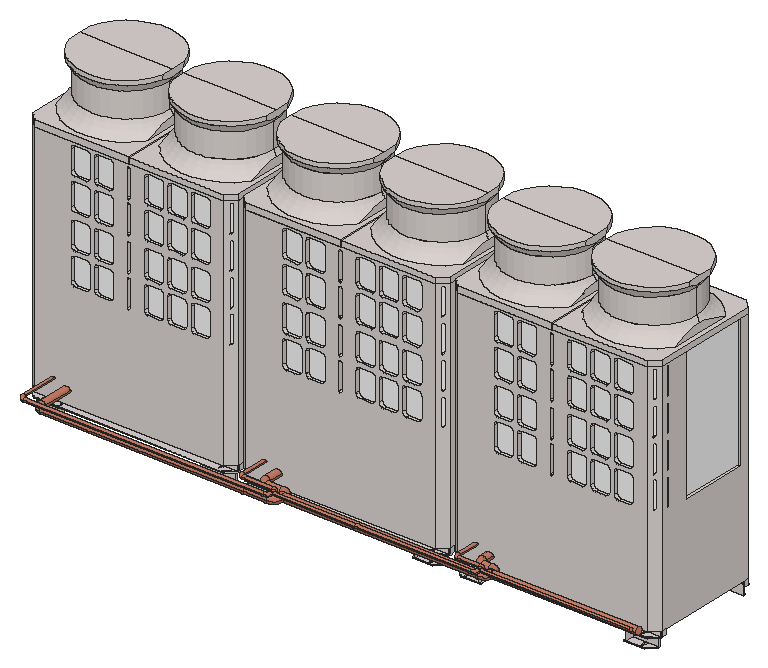
Revit family "PUHY-EP1350YSNW-A1", category 機械設備, Revit 2016 (continued)
Definition of nested family "PUHY-EP450YNW-A1"
  Dimensions and locks
    Extrusion 19 sketch curve to Extrusion 19 sketch curve = 170.800 mm
    Extrusion 20 sketch curve to Extrusion 20 sketch curve = 116.800 mm
    Extrusion 20 sketch curve to Extrusion 20 sketch curve = 170.800 mm
    Extrusion 21 sketch curve to Extrusion 21 sketch curve = 116.800 mm
    Extrusion 21 sketch curve to Extrusion 21 sketch curve = 170.800 mm
    plane 3 "Center (Left/Right)" to cut or joined group 1 (Extrusion 1, Extrusion 2, Extrusion 3, Extrusion 4, Extrusion 5, Extrusion 6, Extrusion 7, Extrusion 8, Extrusion 9, Extrusion 10, Extrusion 11, Extrusion 12, Extrusion 13, Extrusion 14, Extrusion 15, Extrusion 16, Extrusion 17, Extrusion 18, Extrusion 19, Extrusion 20, Extrusion 21, Extrusion 22, Extrusion 23, Extrusion 24, Extrusion 25, Extrusion 26, Extrusion 27, Extrusion 28, Extrusion 29, Extrusion 30, Extrusion 31, Extrusion 32, Extrusion 33) = 620.000 mm
    cut or joined group 1 to plane 3 "Center (Left/Right)" = 620.000 mm
    Extrusion 1 sketch curve to Extrusion 1 sketch curve = 1240.000 mm
    cut or joined group 1 to plane 8 = 185.000 mm
    cut or joined group 1 to plane 7 = 166.000 mm
    cut or joined group 1 to plane 6 = 110.000 mm
    cut or joined group 1 to plane 12 to cut or joined group 1 = 805.000 mm, 621.000 mm
    plane 5 to plane 2 = 1858.000 mm  (x2)
    cut or joined group 1 to plane 19 "132" = 132.000 mm
    cut or joined group 1 to plane 22 = 207.000 mm
    cut or joined group 1 to plane 23 = 256.000 mm
    cut or joined group 1 to plane 6 = 60.000 mm
    cut or joined group 1 to cut or joined group 1 = 42.154 mm
    cut or joined group 1 to cut or joined group 1 = 11.895 mm
    nested 1 to nested 3 to level = 1798.000 mm, 60.000 mm
    nested 1 to nested 1 = 303.000 mm
    nested 1 to nested 3 = 1495.000 mm
    nested 8 to nested 8 to nested 8 to nested 7 to nested 7 to nested 7 = 54.000 mm, 20.000 mm, 592.000 mm, 20.000 mm, 54.000 mm
    nested 3 to nested 3 = 56.000 mm
    plane 11 to plane 31 to plane 32 to cut or joined group 1 = 90.000 mm, 1060.000 mm, 90.000 mm
    curve 103 to nested 7 = 90.000 mm
    curve 104 to nested 7 = 125.000 mm
    curve 101 to nested 7 = 100.000 mm
    curve 11 to curve 13 to nested 7 = 84.000 mm, 71.000 mm
    cut or joined group 1 to curve 12 to curve 14 = 125.000 mm, 148.000 mm
    nested 2 to nested 7 = 1495.000 mm
    curve 87 to cut or joined group 1 = 152.000 mm
    curve 88 to cut or joined group 1 = 172.000 mm
    curve 89 to cut or joined group 1 = 216.000 mm
    cut or joined group 1 to curve 4 to curve 2 = 128.000 mm, 150.000 mm
    cut or joined group 1 to curve 1 to curve 3 = 79.000 mm, 94.000 mm
    Extrusion 32 sketch curve to nested 7 = 116.000 mm
    cut or joined group 1 to Extrusion 32 sketch curve = 160.000 mm
    cut or joined group 1 to Extrusion 33 sketch curve = 243.000 mm
    Extrusion 33 sketch curve to nested 7 = 116.000 mm
    aligned and locked: level to plane 2
    aligned and locked: Extrusion 1 to plane 4
  Nested families
    nested 1: "FAN GUARD" at (-311.5, 2, 860), type "FAN GUARD"
      with WIDTH 870.000 mm
    nested 2: "FAN GUARD" at (311.5, 2, 860) x (-1, 0, 0) z (0, 0, 1), type "FAN GUARD"
      with WIDTH 870.000 mm
    nested 3: "ATTACHMENT LEG" at (-524, -349, 0), type "ATTACHMENT LEG"
    nested 4: "ATTACHMENT LEG" at (-524, 349, 0), type "ATTACHMENT LEG"
    nested 5: "ATTACHMENT LEG" at (524, -349, 0) x (-1, 0, 0) z (0, 0, 1), type "ATTACHMENT LEG"
    nested 6: "ATTACHMENT LEG" at (524, 349, 0) x (-1, 0, 0) z (0, 0, 1), type "ATTACHMENT LEG"
    nested 7: "BASE LEG_L_" at (0, -352, 60), type "BASE LEG_L_"
      with Width 1240.000 mm
    nested 8: "BASE LEG_L_" at (0, 352, 60), type "BASE LEG_L_"
      with Width 1240.000 mm
  Connectors
    piping at (-460, -191, 176), diameter 25.4, driven by "Liquid pipe_radius"
      settings: on cut or joined group 1, index 3, connector inside diameter 25.4 mm, connector length 0.000 mm, flow factor 0, pipe flow 0.0 L/s, pressure drop 0.0 Pa, fitting loss kfactor 0, connector angle 0.00°, fixture units 0, engagement length 0.000 mm, angle of deflection 0.00°, flow configuration 0, flow direction 0, fitting loss method 0, system type 22, joint type 0, gender type 0, connector reference index -1, connector utility 0, adjustable connector no, is connector primary yes, connector description "Refrigerant service valve<Liquid pipe>"
    piping at (-377, -191, 176), diameter 28.58, driven by "Gas pipe_radius"
      settings: on cut or joined group 1, index 4, connector inside diameter 28.58 mm, connector length 0.000 mm, flow factor 0, pipe flow 0.0 L/s, pressure drop 0.0 Pa, fitting loss kfactor 0, connector angle 0.00°, fixture units 0, engagement length 0.000 mm, angle of deflection 0.00°, flow configuration 0, flow direction 0, fitting loss method 0, system type 22, joint type 0, gender type 0, connector reference index -1, connector utility 0, adjustable connector no, is connector primary no, connector description "Refrigerant service valve<Gas>"
    electrical at (0, -370, 808)
      settings: on cut or joined group 1, index 5, voltage 0 V, apparent load 0 VA, apparent load phase1 0 VA, apparent load phase2 0 VA, apparent load phase3 0 VA, power factor 1, load classification none, number of poles 1, system type 30, power factor state 1, is connector primary yes, connector utility no, sub classification motor no, connector description ""
  Definition of nested family "FAN GUARD"
    Parameters
      WIDTH [instance] = 870.000 mm
    Reference planes
      plane 1 "中心(正面/背面)": y = -2
      plane 2: z = 0
      plane 3 "ファンガード基準面": z = 661
      plane 4: y = 368
      plane 5: x = 366
      plane 6: x = -375
      plane 7 "ファンガード基準上面": z = 695
      plane 8 "ファンガード上面": z = 998
      plane 9: x = -273.971
      plane 10: x = 308.5
      plane 11: x = -308.5
      plane 12: x = 0
    Forms (mm)
      Extrusion 1, solid
        sketch origin (85, 0, 661) x (-1, 0, 0) y (0, -1, 0)
          loop
            line (343.5, -368) -> (393.5, -318) -> (393.5, 322) -> (343.5, 372) -> (-223.5, 372) -> (-223.5, -368) -> (343.5, -368)
        from 0 to 34
      Revolve 2, solid
        sketch origin (0, -2, 0) x (1, 0, 0) y (0, 0, 1)
          loop
            line (0, 695) -> (0, 998) -> (-290, 998) -> (-290, 972.327) -> (-260, 928.372) -> (-260, 777.384)
            arc (-260, 777.384) -> (-290.651, 730.137) -> (-334.665, 695) r 175.882
            line (-334.665, 695) -> (0, 695)
          axis (0, 998) -> (0, 695)
        angle from 0 to 360
      Extrusion 3, void
        sketch origin (-840, 75, 695) x (-1, 0, 0) y (0, -1, 0)
          loop
            line (-410, -165) -> (-410, 315) -> (-561.253, 315) -> (-561.253, -165) -> (-410, -165)
        from -35 to 430.592
      Extrusion 4, void
        sketch origin (840, 75, 695) x (1, 0, 0) y (0, 1, 0)
          loop
            line (-410, 165) -> (-561.253, 165) -> (-561.253, -315) -> (-410, -315) -> (-410, 165)
        from 0 to 430.592
    Cuts and joins
      Extrusion 3, Extrusion 4 cuts Revolve 2
      Extrusion 4 cuts Extrusion 1
    Lines and regions (mm)
      model lines
        curve 1: line (-278.747, 0, 998) -> (-80, 0, 998)
        curve 2: line (80, 0, 998) -> (278.747, 0, 998)
        curve 3: circle (0, 0, 998) r 80 normal (0, 0, 1)
        curve 4: line (-278.747, -80, 998) -> (278.747, -80, 998)
        curve 5: line (-241.868, -160, 998) -> (241.868, -160, 998)
        curve 6: line (-162.788, -240, 998) -> (162.788, -240, 998)
        curve 7: line (-278.747, 80, 998) -> (278.747, 80, 998)
        curve 8: line (-241.868, 160, 998) -> (240, 160, 998)
        curve 9: line (-160, 240, 998) -> (162.788, 240, 998)
        curve 10: line (0, 290, 998) -> (0, -290, 998)
        curve 11: line (-20, 289.31, 998) -> (-20, -289.31, 998)
        curve 12: line (-40, 287.228, 998) -> (-40, -287.228, 998)
        curve 13: line (-60, 283.725, 998) -> (-60, -283.725, 998)
        curve 14: line (-80, 278.747, 998) -> (-80, -278.747, 998)
        curve 15: line (20, 289.31, 998) -> (20, -289.31, 998)
        curve 16: line (40, 287.228, 998) -> (40, -287.228, 998)
        curve 17: line (60, 283.725, 998) -> (60, -283.725, 998)
        curve 18: line (80, 278.747, 998) -> (80, -278.747, 998)
        curve 19: line (100, 272.213, 998) -> (100, -272.213, 998)
        curve 20: line (120, 264.008, 998) -> (120, -264.008, 998)
        curve 21: line (140, 253.969, 998) -> (140, -253.969, 998)
        curve 22: line (160, 241.868, 998) -> (160, -243.132, 998)
        curve 23: line (180, 227.376, 998) -> (180, -227.624, 998)
        curve 24: line (200, 210, 998) -> (200, -210, 998)
        curve 25: line (220, 188.944, 998) -> (220, -188.944, 998)
        curve 26: line (240, 160, 998) -> (240, -162.788, 998)
        curve 27: line (260, 128.452, 998) -> (260, -128.452, 998)
        curve 28: line (-100, 272.213, 998) -> (-100, -272.213, 998)
        curve 29: line (-120, 264.008, 998) -> (-120, -264.008, 998)
        curve 30: line (-140, 253.969, 998) -> (-140, -253.969, 998)
        curve 31: line (-160, 240, 998) -> (-160, -241.868, 998)
        curve 32: line (-180, 227.376, 998) -> (-180, -227.376, 998)
        curve 33: line (-200, 210, 998) -> (-200, -210, 998)
        curve 34: line (-220, 188.944, 998) -> (-220, -188.944, 998)
        curve 35: line (-240, 162.788, 998) -> (-240, -162.788, 998)
        curve 36: line (-260, 128.452, 998) -> (-260, -128.452, 998)
        curve 37: line (10, 79.373, 998) -> (10, -79.373, 998)
        curve 38: line (-10, 79.373, 998) -> (-10, -79.373, 998)
        curve 39: line (30, 74.162, 998) -> (30, -74.162, 998)
        curve 40: line (50, 62.45, 998) -> (50, -62.45, 998)
        curve 41: line (70, 38.73, 998) -> (70, -38.73, 998)
        curve 42: line (-30, 74.162, 998) -> (-30, -74.162, 998)
        curve 43: line (-50, 62.45, 998) -> (-50, -62.45, 998)
        curve 44: line (-70, 38.73, 998) -> (-70, -38.73, 998)
    Dimensions and locks
      locked: plane 8 "ファンガード上面" to plane 7 "ファンガード基準上面" at 303
      plane 8 "ファンガード上面" to plane 3 "ファンガード基準面" = 337.000 mm
      Revolve 2 sketch curve to Revolve 2 sketch curve = 290.000 mm
      Extrusion 1 sketch curve to Extrusion 1 sketch curve = 740.000 mm
      equal spacing: Extrusion 1 sketch curve, plane 1 "中心(正面/背面)", Extrusion 1 sketch curve
      plane 6 to plane 5 = 741.000 mm
      Extrusion 1 sketch curve to Extrusion 1 sketch curve = 617.000 mm
      plane 11 to plane 10 = 617.000 mm
      cut or joined group of Extrusion 1, Extrusion 4 to cut or joined group of Extrusion 1, Extrusion 4 = 617.000 mm
      cut or joined group of Extrusion 1, Extrusion 4 to cut or joined group of Extrusion 1, Extrusion 4 = 740.000 mm
      aligned and locked: level to plane 2
      aligned and locked: plane 7 "ファンガード基準上面" to Extrusion 1
      aligned and locked: plane 3 "ファンガード基準面" to Extrusion 1
      aligned and locked: cut or joined group of Revolve 2, Extrusion 3, Extrusion 4 to plane 8 "ファンガード上面"
  Definition of nested family "ATTACHMENT LEG"
    Parameters
      Width = 145.000 mm
    Reference planes
      plane 1: z = 0
      plane 2 "中心(左/右)": x = -6
      plane 3: x = -52
      plane 4: x = 85
      plane 5: x = 93
      plane 6: y = -21
      plane 7: y = 27
      plane 8: x = -30
      plane 9: y = 39
      plane 10: z = 60
      plane 11: z = 57
      plane 12: z = 3
      plane 13: x = 82
      plane 14: y = 36
      plane 15: x = -75
      plane 16: y = 31
      plane 17 "幅": x = 93
      plane 18: y = 2.5
      plane 19: y = 21
      plane 20: y = -10
    Forms (mm)
      Extrusion 1, solid
        sketch origin (0, -1, 0) x (1, 0, 0) y (0, 1, 0)
          loop
            line (-75, 36) -> (-75, 27) -> (-28, -20) -> (93, -20) -> (93, 32) -> (85, 32) -> (85, 36) -> (-75, 36)
        from 0 to 60
      Extrusion 2, void
        sketch origin (0, -3, 0) x (1, 0, 0) y (0, 0, 1)
          loop
            line (-75, 57) -> (-75, 3) -> (82, 3) -> (82, 57) -> (-75, 57)
          loop
            line (93, 57) -> (85, 57) -> (85, 3) -> (93, 3) -> (93, 57)
        from -35 to 18
      Extrusion 3, void
        sketch origin (-6, 5.5, 0) x (1, 0, 0) y (0, 1, 0)
          loop
            arc (-7, -8.5) -> (0, -15.5) -> (7, -8.5) r 7
            line (7, -8.5) -> (7, 8.5)
            arc (7, 8.5) -> (0, 15.5) -> (-7, 8.5) r 7
            line (-7, 8.5) -> (-7, -8.5)
        from 0 to 60
    Cuts and joins
      Extrusion 2, Extrusion 3 cuts Extrusion 1
    Dimensions and locks
      locked: plane 3 to plane 4 at 137
      locked: plane 3 to plane 5 at 145
      plane 6 to plane 7 = 48.000 mm
      locked: plane 10 to level at 60
      Extrusion 3 sketch curve to plane 2 "中心(左/右)" = 7.000 mm
      locked: plane 15 to plane 2 "中心(左/右)" at 69
      locked: plane 15 to plane 8 at 45
      locked: plane 6 to plane 18 at 23.5
      cut or joined group of Extrusion 1, Extrusion 2, Extrusion 3 to cut or joined group of Extrusion 1, Extrusion 2, Extrusion 3 = 168.000 mm
      cut or joined group of Extrusion 1, Extrusion 2, Extrusion 3 to cut or joined group of Extrusion 1, Extrusion 2, Extrusion 3 = 56.000 mm  (x2)
      plane 14 to plane 6 = 57.000 mm
      aligned and locked: level to plane 1
      aligned and locked: Extrusion 1 sketch curve to plane 4
      aligned and locked: Extrusion 1 sketch curve to plane 5
      aligned: plane 8 to Extrusion 1 sketch curve
      aligned and locked: plane 10 to Extrusion 1
      aligned and locked: Extrusion 2 sketch curve to plane 11
      aligned: plane 3 to Extrusion 2 sketch curve
      aligned and locked: plane 12 to Extrusion 2 sketch curve
      aligned and locked: Extrusion 2 sketch curve to plane 13
      aligned and locked: plane 6 to Extrusion 2
      aligned and locked: plane 11 to Extrusion 2 sketch curve
      aligned and locked: plane 5 to Extrusion 2 sketch curve
      aligned and locked: Extrusion 2 sketch curve to plane 12
      aligned and locked: Extrusion 2 sketch curve to plane 4
      aligned and locked: plane 15 to Extrusion 1 sketch curve
      aligned and locked: Extrusion 2 sketch curve to cut or joined group of Extrusion 1, Extrusion 2, Extrusion 3
      aligned and locked: Extrusion 1 to plane 16
  Definition of nested family "BASE LEG_L_"
    Parameters
      Width [instance] = 1240.000 mm
    Reference planes
      plane 1 "中心(正面/背面)": y = 0
      plane 2: z = 0
      plane 3 "中心(左/右)": x = 0
      plane 4: x = 620
      plane 5: x = -620
      plane 6: x = -530
      plane 7: x = 530
      plane 8: y = -18
      plane 9: y = 39
      plane 10: z = 53
      plane 11: y = 42
      plane 12: y = 27
      plane 13: x = 575
      plane 14: x = -575
      plane 15: z = 8
      plane 16: y = 11.5
      plane 17: z = 35
    Forms (mm)
      Extrusion 1, solid
        sketch origin (0, 0, 0) x (0, 1, 0) y (0, 0, 1)
          loop
            line (-18, 0) -> (36, 0) -> (36, 32) -> (56, 32) -> (56, 35) -> (33, 35) -> (33, 3) -> (-18, 3) -> (-18, 0)
        from -620 to 620
      Extrusion 2, void
        sketch origin (0, 0, 0) x (1, 0, 0) y (0, 1, 0)
          loop
            line (575, -18) -> (620, -18) -> (620, 27) -> (575, -18)
          loop
            line (-575, -18) -> (-620, 27) -> (-620, -18) -> (-575, -18)
        from 0 to 250
      Extrusion 3, void
        sketch origin (0, 12.023, 0) x (1, 0, 0) y (0, 1, 0)
          loop
            arc (523, -2.971) -> (530, -9.971) -> (537, -2.971) r 7
            line (537, -2.971) -> (537, 3.023)
            arc (537, 3.023) -> (530, 10.023) -> (523, 3.023) r 7
            line (523, 3.023) -> (523, -2.971)
          loop
            line (-523, -2.971) -> (-523, 3.023)
            arc (-523, 3.023) -> (-530, 10.023) -> (-537, 3.023) r 7
            line (-537, 3.023) -> (-537, -2.971)
            arc (-537, -2.971) -> (-530, -9.971) -> (-523, -2.971) r 7
        from 0 to 250
      Extrusion 4, solid
        sketch origin (0, 0, -3) x (1, 0, 0) y (0, 0, 1)
          loop
            line (617, 8) -> (620, 8) -> (620, 35) -> (617, 35) -> (617, 8)
          loop
            line (-617, 8) -> (-617, 35) -> (-620, 35) -> (-620, 8) -> (-617, 8)
        from -36 to -56
      Extrusion 5, solid
        sketch origin (150, 352, 0) x (1, 0, 0) y (0, 1, 0)
          loop
            line (460, -319) -> (455, -319) -> (455, -320) -> (405, -370) -> (410, -370) -> (460, -320) -> (460, -319)
        from 3 to 35
      Extrusion 6, void
        sketch origin (560, -18, 0) x (0.707107, 0.707107, 0) y (0, 0, 1)
          loop
            line (70.711, 3) -> (-6.741, 39.767) -> (-6.741, 3) -> (70.711, 3)
        from -190.256 to 23.776
      Extrusion 7, solid
        sketch origin (-150, 352, 0) x (-1, 0, 0) y (0, -1, 0)
          loop
            line (460, 319) -> (460, 320) -> (410, 370) -> (405, 370) -> (455, 320) -> (455, 319) -> (460, 319)
        from 3 to 35
      Extrusion 8, void
        sketch origin (-560, -18, 0) x (0.707107, -0.707107, 0) y (0, 0, -1)
          loop
            line (-70.711, -3) -> (0, -35) -> (6.741, -35) -> (6.741, -3) -> (-70.711, -3)
        from -190.256 to 23.776
    Cuts and joins
      Extrusion 2, Extrusion 3 cuts Extrusion 1
      joined: Extrusion 1, Extrusion 4
      Extrusion 8 cuts Extrusion 7
      Extrusion 6 cuts Extrusion 5
    Dimensions and locks
      "Width": plane 5 to plane 4
      equal spacing: plane 5, plane 3 "中心(左/右)", plane 4
      locked: plane 5 to plane 6 at 90
      locked: plane 7 to plane 4 at 90
      locked: plane 8 to plane 9 at 57
      locked: plane 10 to level at 53
      locked: plane 9 to plane 11 at 3
      plane 8 to plane 12 = 45.000 mm
      locked: plane 13 to plane 4 at 45
      locked: plane 5 to plane 14 at 45
      equal spacing: Extrusion 3 sketch curve, plane 7, Extrusion 3 sketch curve
      equal spacing: Extrusion 3 sketch curve, plane 6, Extrusion 3 sketch curve
      locked: plane 10 to plane 15 at 45
      locked: cut or joined group of Extrusion 1, Extrusion 2, Extrusion 3, Extrusion 4 to Extrusion 4 sketch curve at 3  (x2)
      locked: plane 8 to plane 16 at 29.5
      plane 8 to plane 11 = 60.000 mm
      cut or joined group of Extrusion 1, Extrusion 2, Extrusion 3, Extrusion 4 to cut or joined group of Extrusion 1, Extrusion 2, Extrusion 3, Extrusion 4 = 35.000 mm
      aligned and locked: level to plane 2
      aligned and locked: plane 8 to Extrusion 1 sketch curve
      aligned and locked: plane 4 to Extrusion 1
      aligned and locked: Extrusion 1 to plane 5
      aligned and locked: Extrusion 2 sketch curve to plane 4
      aligned and locked: Extrusion 2 sketch curve to plane 8
      aligned and locked: plane 12 to Extrusion 2 sketch curve
      aligned and locked: plane 13 to Extrusion 2 sketch curve
      aligned and locked: plane 4 to Extrusion 4 sketch curve
      aligned and locked: plane 5 to Extrusion 4 sketch curve
      aligned and locked: cut or joined group of Extrusion 7, Extrusion 8 to cut or joined group of Extrusion 1, Extrusion 2, Extrusion 3, Extrusion 4
    Automatic sketch dimensions
      Extrusion 3 sketch curve to plane 1 "中心(正面/背面)" = 9.052 mm  (x2)
      Extrusion 3 sketch curve to plane 7 = 7.000 mm
      Extrusion 3 sketch curve to plane 1 "中心(正面/背面)" = 15.046 mm  (x2)
      Extrusion 3 sketch curve to plane 6 = 7.000 mm
      Extrusion 2 sketch curve to plane 5 = 0.000 mm
      plane 8 to Extrusion 2 sketch curve = 0.000 mm
      Extrusion 2 sketch curve to plane 14 = 0.000 mm
      plane 12 to Extrusion 2 sketch curve = 0.000 mm
      Extrusion 4 sketch curve to plane 10 = 21.000 mm
      plane 7 to Extrusion 5 sketch curve = 25.000 mm
      Extrusion 5 sketch curve to Extrusion 5 sketch curve = 5.000 mm  (x2)
      plane 7 to Extrusion 5 sketch curve = 75.000 mm
      plane 8 to Extrusion 5 sketch curve = 0.000 mm
      Extrusion 5 sketch curve to Extrusion 5 sketch curve = 50.000 mm
      Extrusion 5 sketch curve to Extrusion 5 sketch curve = 0.000 mm
      Extrusion 5 sketch curve to Extrusion 5 sketch curve = 1.000 mm
      Extrusion 6 sketch curve to Extrusion 5 = 0.000 mm  (x2)
      Extrusion 6 sketch curve to Extrusion 5 = 6.741 mm
      Extrusion 6 sketch curve to Extrusion 5 = 4.767 mm
      plane 6 to Extrusion 7 sketch curve = 25.000 mm
      Extrusion 7 sketch curve to Extrusion 7 sketch curve = 5.000 mm  (x2)
      Extrusion 7 sketch curve to Extrusion 7 sketch curve = 45.000 mm
      Extrusion 7 sketch curve to plane 8 = 0.000 mm
      Extrusion 7 sketch curve to Extrusion 7 sketch curve = 50.000 mm
      Extrusion 7 sketch curve to Extrusion 7 sketch curve = 0.000 mm
      Extrusion 7 sketch curve to Extrusion 7 sketch curve = 1.000 mm
      Extrusion 8 sketch curve to Extrusion 7 = 0.000 mm  (x2)
      Extrusion 7 to Extrusion 8 sketch curve = 0.000 mm  (x2)
      Extrusion 7 to Extrusion 8 sketch curve = 6.741 mm
      Extrusion 4 sketch curve to plane 17 = 3.000 mm
      Extrusion 4 sketch curve to plane 15 = 3.000 mm  (x2)
      Extrusion 1 sketch curve to plane 17 = 0.000 mm
      Extrusion 1 sketch curve to level = 0.000 mm
      level to Extrusion 1 sketch curve = 3.000 mm
      plane 9 to Extrusion 1 sketch curve = 6.000 mm
      plane 9 to Extrusion 1 sketch curve = 3.000 mm
      Extrusion 1 sketch curve to plane 17 = 3.000 mm
      Extrusion 1 sketch curve to plane 11 = 14.000 mm
Types (6, lengths in mm): name | Voltage | Hertz | Heating Rated Load Ampacity (A) | Heating Current Input (Nominal) (A) | Heating Current Input (A) | Cooling Rated Load Ampacity (A) | Cooling Current Input (A)
  PUHY-EP1350YSNW-A1_380V_50Hz | 380 V | 50 Hz | 71.4 | 59.5 | 71.4 | 72.3 | 72.3
  PUHY-EP1350YSNW-A1_380V_60Hz | 380 V | 60 Hz | 71.4 | 59.5 | 71.4 | 72.3 | 72.3
  PUHY-EP1350YSNW-A1_400V_50Hz | 400 V | 50 Hz | 67.8 | 56.5 | 67.8 | 68.7 | 68.7
  PUHY-EP1350YSNW-A1_400V_60Hz | 400 V | 60 Hz | 67.8 | 56.5 | 67.8 | 68.7 | 68.7
  PUHY-EP1350YSNW-A1_415V_50Hz | 415 V | 50 Hz | 65.4 | 54.5 | 65.4 | 66.2 | 66.2
  PUHY-EP1350YSNW-A1_415V_60Hz | 415 V | 60 Hz | 65.4 | 54.5 | 65.4 | 66.2 | 66.2
